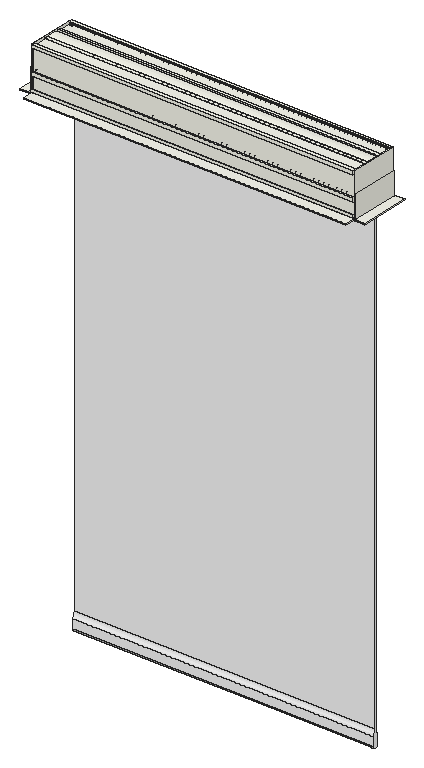
Revit family "cRoller_Blind-Decor_Systems-Blindset", category Specialty Equipment, Revit 2020
Family settings
  Round Connector Dimension = Use Diameter
  Part Type = Normal
  OmniClass Number = 23.40.95.11.31
  OmniClass Title = Movable or Retractable Screens
  Work Plane-Based = No
  Always vertical = Yes
  Cut with Voids When Loaded = No
  Shared = No
  Room Calculation Point = No
Parameters (values of type "Box and Closure")
  Video Link = "https://blindset.co.uk/#video"
  Version = "2020 - v1.0a"  # constant formula
  Product Page URL = "https://blindset.co.uk/"
  Product Documentation Link = "https://blindset.co.uk/?sdm_process_download=1&download_id=611"
  Plain Transition [instance] = or(Constraints = 3, Constraints = 6)  # no
  URL = "https://www.decorsystems.co.uk/"
  Profile Finish = Metal - Decor Systems - White Powdercoat
  Manufacturer Phone Number = "+44(0)1302 761122"  # constant formula
  Manufacturer Email = "mailto: info@decorsystems.co.uk"
  Manufacturer Address = "New Street\r\nDoncaster\r\nDN1 3QU"  # constant formula
  Keynote = "12490"
  Copyright = "© Decor Systems 2024"  # constant formula
  Constraints = 1
  Closure With Integrated Curtain Track [instance] = or(Constraints = 4, Constraints = 5, Constraints = 6)  # no
  Model = "BlindSet"  # constant formula
  Manufacturer = "Decor Systems"  # constant formula
  Fixture Length [instance] = if(Desired Fixture Length < 1' 7 175/256", 1' 7 175/256", if(Desired Fixture Length > 7' 10 125/256", 7' 10 125/256", Desired Fixture Length))  # 2' - 0"
  Drylinning Transition [instance] = or(Constraints = 2, Constraints = 5)  # no
  Drylining Flange - Right [instance] = yes
  Drylining Flange - Left [instance] = yes
  Desired Fixture Length [instance] = 2' - 0"
  Desired Blind Drop Length [instance] = 3' - 0"
  Description = "Pre-installed modular roller blind"  # constant formula
  Default Elevation = 0' - 0"
  Blind Finish Note = "Custom RGB Values can be changed in the Material for the \"Blind Finish\""  # constant formula
  Blind Drop Length [instance] = if(Desired Blind Drop Length < 0' 0", 0' 0", if(Desired Blind Drop Length > 9' 10 7/64", 9' 10 7/64", Desired Blind Drop Length))  # 3' - 0"
  Blind Finish = Fabric - Decor Systems - Custom Color
  Closure [instance] = or(Constraints = 1, Constraints = 2, Constraints = 3)  # yes
  C Curtain Side Offset = 0' - 0 101/128"  # constant formula
  C Curtain Length [instance] = Fixture Length - 2 * C Curtain Side Offset  # 1' - 10 27/64"
  Assembly Code = "E1090900"
Types (7): name | Plain Transition | Constraints | Closure With Integrated Curtain Track | Drylinning Transition | Closure
  (no name) | no | 1 | no | no | yes
  Box and Closure | no | 1 | no | no | yes
  Box and Closure with additional drylining transition | no | 2 | no | yes | yes
  Box and Closure with additional plain transition | yes | 3 | no | no | yes
  Box and Closure with Integrated Curtain Track | no | 4 | yes | no | no
  Box and Closure with Integrated curtain track and additional drylining transition | no | 5 | yes | yes | no
  Box and Closure with Integrated curtain track and additional plain transition | yes | 6 | yes | no | no
Reference planes (in)
  plane 1 "Center (Front/Back)": y = 0
  plane 2: z = 0
  plane 3 "Center (Left/Right)": x = 0
  plane 4: x = 24
  plane 5: y = 3.74016
  plane 6: x = 0.78906
  plane 7: y = 1.87008
  plane 8: y = 4.62402
  plane 9: z = 3.34812
Forms (in)
  Sweep 1, solid, material "Metal - Decor Systems - White Powdercoat" <- "Profile Finish", detail levels medium+fine
    path origin (0, 0, 0) x (1, 0, 0) y (0, 1, 0)
      loop
        line (0, 0) -> (24, 0)
    profile "Nested - Main Profile : Nested - Main Profile" origin (12, 0, 0) x (0, 1, 0) y (0, 0, 1)
      loop
        arc (1.10026, 3.15324) -> (1.03893, 3.11834) -> (0.97917, 3.08079) r 1.61878
        line (0.97917, 3.08079) -> (1.02085, 3.0141)
        arc (1.02085, 3.0141) -> (1.87008, 3.26938) -> (2.71931, 3.0141) r 1.54016
        line (2.71931, 3.0141) -> (2.76098, 3.08079)
        arc (2.76098, 3.08079) -> (2.70123, 3.11834) -> (2.6399, 3.15324) r 1.61878
        line (2.6399, 3.15324) -> (3.50159, 3.15324)
        arc (3.50159, 3.15324) -> (3.53161, 3.05339) -> (3.42913, 3.07262) r 0.06102
        line (3.42913, 3.07262) -> (3.42913, 2.83434) -> (3.47638, 2.83434) -> (3.47638, 2.97608) -> (3.54528, 2.97608) -> (3.54528, 1.65048) -> (3.47638, 1.65048) -> (3.47638, 1.73316) -> (3.42913, 1.73316) -> (3.42913, 1.55394)
        arc (3.42913, 1.55394) -> (3.54724, 1.53237) -> (3.42913, 1.51081) r 0.06102
        line (3.42913, 1.51081) -> (3.42913, 1.27647) -> (3.47638, 1.27647) -> (3.47638, 1.40639) -> (3.54528, 1.40639) -> (3.54528, 0.3245) -> (3.47047, 0.3245) -> (3.47047, 0.40324) -> (3.42323, 0.40324) -> (3.42323, 0.24576) -> (3.54528, 0.24576) -> (3.54528, 0.00167) -> (3.62402, 0.00167) -> (3.62402, 0.24576) -> (3.74606, 0.24576) -> (3.74606, 0.40324) -> (3.69882, 0.40324) -> (3.69882, 0.3245) -> (3.62402, 0.3245) -> (3.62402, 1.41426) -> (3.69291, 1.41426) -> (3.69291, 1.27647) -> (3.74016, 1.27647) -> (3.74016, 1.57568) -> (3.69291, 1.57568) -> (3.69291, 1.493) -> (3.62402, 1.493) -> (3.62402, 3.26938) -> (3.69291, 3.26938) -> (3.69291, 3.12765) -> (3.74016, 3.12765) -> (3.74016, 3.34812) -> (3.46654, 3.34812) -> (3.46654, 3.30088) -> (3.54528, 3.30088) -> (3.54528, 3.23198) -> (2.45551, 3.23198) -> (2.45551, 3.30088) -> (2.59331, 3.30088) -> (2.59331, 3.34812) -> (2.37677, 3.34812) -> (2.37677, 3.26666)
        arc (2.37677, 3.26666) -> (1.87008, 3.348) -> (1.36339, 3.26666) r 1.61878
        line (1.36339, 3.26666) -> (1.36339, 3.34812) -> (1.14685, 3.34812) -> (1.14685, 3.30088) -> (1.28465, 3.30088) -> (1.28465, 3.23198) -> (0.19488, 3.23198) -> (0.19488, 3.30088) -> (0.27362, 3.30088) -> (0.27362, 3.34812) -> (0, 3.34812) -> (0, 3.12765) -> (0.04724, 3.12765) -> (0.04724, 3.26938) -> (0.11614, 3.26938) -> (0.11614, 1.493) -> (0.04724, 1.493) -> (0.04724, 1.57568) -> (0, 1.57568) -> (0, 1.27647) -> (0.04724, 1.27647) -> (0.04724, 1.41426) -> (0.11614, 1.41426) -> (0.11614, 0.3245) -> (0.04134, 0.3245) -> (0.04134, 0.40324) -> (-0.00591, 0.40324) -> (-0.00591, 0.24576) -> (0.11614, 0.24576) -> (0.11614, 0.12962) -> (-0.67126, 0.12962) -> (-0.67126, 0.06072) -> (0.11614, 0.06072) -> (0.11614, 0.00167) -> (0.19488, 0.00167) -> (0.19488, 0.24576) -> (0.31693, 0.24576) -> (0.31693, 0.40324) -> (0.26969, 0.40324) -> (0.26969, 0.3245) -> (0.19488, 0.3245) -> (0.19488, 1.40639) -> (0.26378, 1.40639) -> (0.26378, 1.27647) -> (0.31102, 1.27647) -> (0.31102, 1.51081)
        arc (0.31102, 1.51081) -> (0.19291, 1.53237) -> (0.31102, 1.55394) r 0.06102
        line (0.31102, 1.55394) -> (0.31102, 1.73316) -> (0.26378, 1.73316) -> (0.26378, 1.65048) -> (0.19488, 1.65048) -> (0.19488, 2.97608) -> (0.26378, 2.97608) -> (0.26378, 2.83434) -> (0.31102, 2.83434) -> (0.31102, 3.07262)
        arc (0.31102, 3.07262) -> (0.20855, 3.05339) -> (0.23856, 3.15324) r 0.06102
        line (0.23856, 3.15324) -> (1.10026, 3.15324)
  Sweep 2, solid, material "Metal - Decor Systems - White Powdercoat" <- "Profile Finish", visible <- "Closure", detail levels medium+fine
    path origin (0, 0, 0) x (1, 0, 0) y (0, 1, 0)
      loop
        line (0, 0) -> (24, 0)
    profile "Nested - Closure Extrusion : Nested - Closure Extrusion" origin (12, 0, 0) x (0, 1, 0) y (0, 0, 1)
      loop
        line (2.51526, 0.17703) -> (2.3539, 0.17703) -> (2.3539, 0.12969) -> (2.43647, 0.12969) -> (2.43647, 0.06084) -> (1.34637, 0.06084) -> (1.34637, 0.12886) -> (1.52742, 0.12886) -> (1.52742, 0.17623) -> (1.18483, 0.17623) -> (1.18483, 0.12875) -> (1.26757, 0.12875) -> (1.26757, 0.0599) -> (0.48253, 0.0599) -> (0.48253, 0.56308) -> (0.26963, 0.56308) -> (0.26963, 1.06536) -> (0.25816, 1.1743) -> (0.25816, 1.32609) -> (0.21016, 1.32609) -> (0.21016, 0.33063) -> (0.25802, 0.33063) -> (0.25802, 0.50396) -> (0.42319, 0.50396) -> (0.42319, 0.05917) -> (0.20032, 0.05917) -> (0.20032, 0) -> (2.75939, 0) -> (2.75939, 0.06109) -> (2.51526, 0.06109) -> (2.51526, 0.17703)
  Sweep 3, solid, material "Metal - Decor Systems - White Powdercoat" <- "Profile Finish", visible <- "Drylinning Transition"
    path origin (0, 0, 0) x (1, 0, 0) y (0, 1, 0)
      loop
        line (0, 0) -> (24, 0)
    profile "Nested - Drylinning Transition : Nested - Horizontal Drylinning Transition" origin (12, 0, 0) x (0, 1, 0) y (0, 0, 1)
      loop
        line (3.85025, 0.58617) -> (3.85025, 0.11811) -> (3.62402, 0.11811) -> (3.62402, 0) -> (3.68307, 0) -> (3.68307, 0.05906) -> (4.77655, 0.05906) -> (4.77655, 0.11892) -> (3.90961, 0.11892) -> (3.90961, 0.64618) -> (3.6971, 0.64618) -> (3.6971, 1.13169) -> (3.67812, 1.28365) -> (3.67812, 1.40582) -> (3.63774, 1.40582) -> (3.63774, 0.33171) -> (3.68498, 0.33171) -> (3.68498, 0.58648) -> (3.85025, 0.58617)
  Sweep 4, solid, material "Metal - Decor Systems - White Powdercoat" <- "Profile Finish", visible <- "Plain Transition"
    path origin (0, 0, 0) x (1, 0, 0) y (0, 1, 0)
      loop
        line (0, 0) -> (24, 0)
    profile "Nested - Plain Transition : Nested - Vertical Drylinning Transition" origin (12, 0, 0) x (0, 1, 0) y (0, 0, 1)
      loop
        line (4.62402, 0.06072) -> (3.80709, 0.06072) -> (3.80709, 0.5686) -> (3.69291, 0.5686) -> (3.69291, 1.40652) -> (3.65354, 1.40652) -> (3.65354, 0.33237) -> (3.69291, 0.33237) -> (3.69291, 0.50954) -> (3.74803, 0.50954) -> (3.74803, 0.06072) -> (3.63976, 0.06072) -> (3.63976, 0.00167) -> (4.62402, 0.00167) -> (4.62402, 0.06072)
  Sweep 5, solid, material "Metal - Decor Systems - White Powdercoat" <- "Profile Finish", visible <- "Closure With Integrated Curtain Track", detail levels medium+fine
    path origin (0, 0, 0) x (1, 0, 0) y (0, 1, 0)
      loop
        line (0, 0) -> (24, 0)
    profile "Nested - Curtain Track : Nested - Plain Transition" origin (12, 0, 0) x (0, 1, 0) y (0, 0, 1)
      loop
        line (2.51424, 0.17521) -> (2.36136, 0.17521) -> (2.36136, 0.12792) -> (2.43545, 0.12792) -> (2.43545, 0.05907) -> (1.3454, 0.05907) -> (1.3454, 0.12796) -> (1.52646, 0.12796) -> (1.52646, 0.17521) -> (1.18386, 0.17521) -> (1.18386, 0.12796) -> (1.26661, 0.12796) -> (1.26661, 0.05907) -> (0.99259, 0.05907) -> (0.99259, 0.42127) -> (0.42791, 0.42127) -> (0.42791, 0.5631) -> (0.27026, 0.5631) -> (0.27026, 1.06538) -> (0.25879, 1.17431) -> (0.25879, 1.3261) -> (0.21079, 1.3261) -> (0.21079, 0.33064) -> (0.25865, 0.33064) -> (0.25865, 0.50397) -> (0.36857, 0.50397) -> (0.36857, 0.0574) -> (0.20095, 0.0574) -> (0.20095, 0.00001) -> (0.56047, 0.00001) -> (0.56047, 0.05813) -> (0.42791, 0.05813) -> (0.42791, 0.36222) -> (0.93353, 0.36222) -> (0.93353, 0.05907) -> (0.80069, 0.05907) -> (0.80069, 0.00001) -> (2.76002, 0.00001) -> (2.76002, 0.05931) -> (2.51424, 0.05931) -> (2.51424, 0.17521)
  Sweep 6, solid, material "Metal - Decor Systems - White Powdercoat" <- "Profile Finish", detail levels coarse
    path origin (0, -12, 0) x (1, 0, 0) y (0, 1, 0)
      loop
        line (0, 12) -> (24, 12)
    profile origin (12, 0, 0) x (0, 1, 0) y (0, 0, 1)
      loop
        line (3.74606, 0.40324) -> (3.69882, 0.40324) -> (3.69882, 0.3245) -> (3.62402, 0.3245) -> (3.62402, 1.41426) -> (3.69291, 1.41426) -> (3.69291, 1.27647) -> (3.74606, 1.27647) -> (3.74606, 3.34812) -> (-0.00591, 3.34812) -> (-0.00591, 0.12962) -> (-0.67126, 0.12962) -> (-0.67126, 0) -> (0.19488, 0) -> (0.19488, 0.24576) -> (0.31693, 0.24576) -> (0.31693, 0.40324) -> (0.26969, 0.40324) -> (0.26969, 0.3245) -> (0.19488, 0.3245) -> (0.19488, 1.40639) -> (0.26378, 1.40639) -> (0.26378, 1.27647) -> (0.31693, 1.27647) -> (0.31693, 3.0141) -> (3.42323, 3.0141) -> (3.42323, 0) -> (3.62402, 0) -> (3.62402, 0.24576) -> (3.74606, 0.24576) -> (3.74606, 0.40324)
  Sweep 7, solid, material "Metal - Decor Systems - White Powdercoat" <- "Profile Finish", visible <- "Closure With Integrated Curtain Track", detail levels coarse
    path origin (0, -12, 0) x (1, 0, 0) y (0, 1, 0)
      loop
        line (0, 12) -> (24, 12)
    profile origin (12, 0, 0) x (0, 1, 0) y (0, 0, 1)
      loop
        line (0.99259, 0.42127) -> (0.42791, 0.42127) -> (0.42791, 0.5631) -> (0.25879, 0.5631) -> (0.25879, 1.3261) -> (0.21079, 1.3261) -> (0.21079, 0.33064) -> (0.25865, 0.33064) -> (0.25865, 0.50397) -> (0.36857, 0.50397) -> (0.36857, 0.0574) -> (0.20095, 0.0574) -> (0.20095, 0) -> (0.56047, 0) -> (0.56047, 0.05813) -> (0.42791, 0.05813) -> (0.42791, 0.36222) -> (0.93353, 0.36222) -> (0.93353, 0.05907) -> (0.80069, 0.05907) -> (0.80069, 0.00001) -> (2.76002, 0.00001) -> (2.76002, 0.17521) -> (0.99259, 0.17521) -> (0.99259, 0.42127)
  Sweep 8, solid, material "Metal - Decor Systems - White Powdercoat" <- "Profile Finish", visible <- "Closure", detail levels coarse
    path origin (0, -12, 0) x (1, 0, 0) y (0, 1, 0)
      loop
        line (0, 12) -> (24, 12)
    profile origin (12, 0, 0) x (0, 1, 0) y (0, 0, 1)
      loop
        line (0.48253, 0.17521) -> (0.48253, 0.5631) -> (0.25879, 0.5631) -> (0.25879, 1.3261) -> (0.21079, 1.3261) -> (0.21079, 0.33064) -> (0.25865, 0.33064) -> (0.25865, 0.50397) -> (0.42319, 0.50397) -> (0.42319, 0.0574) -> (0.20095, 0.0574) -> (0.20095, 0) -> (2.76002, 0) -> (2.76002, 0.17521) -> (0.48253, 0.17521)
Lines and regions (in)
  reference lines
    curve 1: line (24, 3.74016, 0) -> (24, 0, 0)
Dimensions and locks (in)
  "Fixture Length": plane 3 "Center (Left/Right)" to plane 4
  "C Curtain Side Offset": plane 3 "Center (Left/Right)" to plane 6
  plane 1 "Center (Front/Back)" to plane 5 = 0' - 3.74016"
  "Desired Fixture Length": plane 3 "Center (Left/Right)" to curve 1
  locked: nested 3 to plane 7 at 1.75197
  locked: nested 2 to plane 7 at 1.75197
  plane 8 to plane 5 to plane 7 to plane 1 "Center (Front/Back)" = 0' - 0.88386" locked, 0' - 1.87008" locked, 0' - 1.87008" locked
  locked: plane 9 to plane 2 at 3.34812
  aligned and locked: plane 3 "Center (Left/Right)" to Sweep 1 sketch curve
  aligned and locked: plane 1 "Center (Front/Back)" to Sweep 1 sketch curve
  aligned and locked: plane 4 to Sweep 1 sketch curve
  aligned and locked: plane 3 "Center (Left/Right)" to Sweep 2 sketch curve
  aligned and locked: plane 1 "Center (Front/Back)" to Sweep 2 sketch curve
  aligned and locked: plane 4 to Sweep 2 sketch curve
  aligned and locked: plane 3 "Center (Left/Right)" to Sweep 3 sketch curve
  aligned and locked: plane 4 to Sweep 3 sketch curve
  aligned and locked: plane 1 "Center (Front/Back)" to Sweep 3 sketch curve
  aligned and locked: plane 1 "Center (Front/Back)" to Sweep 4 sketch curve
  aligned and locked: plane 3 "Center (Left/Right)" to Sweep 4 sketch curve
  aligned and locked: plane 4 to Sweep 4 sketch curve
  aligned and locked: plane 3 "Center (Left/Right)" to Sweep 5 sketch curve
  aligned and locked: plane 4 to Sweep 5 sketch curve
  aligned and locked: plane 1 "Center (Front/Back)" to Sweep 5 sketch curve
  aligned and locked: plane 1 "Center (Front/Back)" to nested 1
  aligned and locked: plane 6 to nested 1
  aligned and locked: plane 5 to curve 1
  aligned and locked: plane 1 "Center (Front/Back)" to curve 1
  aligned and locked: plane 3 "Center (Left/Right)" to nested 3
  aligned and locked: nested 2 to plane 4
  aligned and locked: nested 2 to plane 2
  aligned and locked: nested 3 to plane 2
  aligned and locked: level to plane 2
  aligned and locked: plane 3 "Center (Left/Right)" to Sweep 6 sketch curve
  aligned and locked: plane 4 to Sweep 6 sketch curve
  aligned and locked: plane 4 to Sweep 8 sketch curve
  aligned and locked: plane 3 "Center (Left/Right)" to Sweep 8 sketch curve
  aligned and locked: plane 4 to Sweep 7 sketch curve
  aligned and locked: plane 3 "Center (Left/Right)" to Sweep 7 sketch curve
  aligned and locked: plane 1 "Center (Front/Back)" to Sweep 6 sketch curve
  aligned and locked: plane 1 "Center (Front/Back)" to Sweep 8 sketch curve
  aligned and locked: plane 1 "Center (Front/Back)" to Sweep 7 sketch curve
  aligned and locked: Sweep 6 sketch curve to plane 2
  aligned and locked: plane 2 to Sweep 6 sketch curve
  aligned and locked: level to Sweep 7 sketch curve
  aligned and locked: plane 2 to Sweep 8 sketch curve
Automatic sketch dimensions
  level to Sweep 6 sketch curve = 0' - 0"
  profile plane to Sweep 6 sketch curve = 0' - 0.67126"
  profile plane to Sweep 6 sketch curve = 0' - 0.00591"
  Sweep 6 sketch curve to profile plane = 0' - 0.19488"  (x2)
  Sweep 6 sketch curve to Sweep 6 sketch curve = 0' - 0.0689"  (x2)
  Sweep 6 sketch curve to Sweep 6 sketch curve = 0' - 0.0748"  (x2)
  Sweep 6 sketch curve to Sweep 6 sketch curve = 0' - 0.05315"  (x2)
  Sweep 6 sketch curve to Sweep 6 sketch curve = 0' - 0.04724"  (x2)
  Sweep 6 sketch curve to Sweep 6 sketch curve = 0' - 3.1063"
  Sweep 6 sketch curve to Sweep 6 sketch curve = 0' - 0.20079"  (x2)
  level to Sweep 6 sketch curve = 0' - 0.12962"
  level to Sweep 6 sketch curve = 0' - 0.24576"  (x2)
  Sweep 6 sketch curve to Sweep 6 sketch curve = 0' - 0.07874"  (x4)
  Sweep 6 sketch curve to Sweep 6 sketch curve = 0' - 0.87323"  (x2)
  Sweep 6 sketch curve to Sweep 6 sketch curve = 0' - 0.12992"
  Sweep 6 sketch curve to Sweep 6 sketch curve = 0' - 0.1378"
  Sweep 6 sketch curve to Sweep 6 sketch curve = 0' - 1.59983"
  Sweep 6 sketch curve to Sweep 6 sketch curve = 0' - 0.33403"
  Sweep 7 sketch curve to profile plane = 0' - 0.20095"
  Sweep 7 sketch curve to profile plane = 0' - 0.21079"
  Sweep 7 sketch curve to Sweep 7 sketch curve = 0' - 0.04786"
  Sweep 7 sketch curve to Sweep 7 sketch curve = 0' - 0.00014"
  level to Sweep 7 sketch curve = 0' - 0.0574"
  Sweep 7 sketch curve to Sweep 7 sketch curve = 0' - 0.16762"
  Sweep 7 sketch curve to Sweep 7 sketch curve = 0' - 0.05933"
  Sweep 7 sketch curve to Sweep 7 sketch curve = 0' - 0"
  level to Sweep 7 sketch curve = 0' - 0.05813"
  Sweep 7 sketch curve to Sweep 7 sketch curve = 0' - 0.13256"
  level to Sweep 7 sketch curve = 0' - 0"
  Sweep 7 sketch curve to Sweep 7 sketch curve = 0' - 0.24022"
  level to Sweep 7 sketch curve = 0' - 0.05907"
  Sweep 7 sketch curve to Sweep 7 sketch curve = 0' - 0.13284"
  Sweep 7 sketch curve to Sweep 7 sketch curve = 0' - 0.05906"  (x2)
  Sweep 7 sketch curve to Sweep 7 sketch curve = 0' - 1.76744"
  Sweep 7 sketch curve to Sweep 7 sketch curve = 0' - 0.1752"
  Sweep 7 sketch curve to Sweep 7 sketch curve = 0' - 0.27324"
  Sweep 7 sketch curve to Sweep 7 sketch curve = 0' - 0.18701"
  Sweep 7 sketch curve to Sweep 7 sketch curve = 0' - 0.0827"
  Sweep 7 sketch curve to Sweep 7 sketch curve = 0' - 0.05912"
  Sweep 7 sketch curve to Sweep 7 sketch curve = 0' - 0.763"
  Sweep 8 sketch curve to profile plane = 0' - 0.20095"
  Sweep 8 sketch curve to profile plane = 0' - 0.21079"
  Sweep 8 sketch curve to Sweep 8 sketch curve = 0' - 0.04786"
  Sweep 8 sketch curve to Sweep 8 sketch curve = 0' - 0.048"
  Sweep 8 sketch curve to Sweep 8 sketch curve = 0' - 0.16454"
  Sweep 8 sketch curve to Sweep 8 sketch curve = 0' - 0.05933"
  level to Sweep 8 sketch curve = 0' - 0.17521"
  Sweep 8 sketch curve to Sweep 8 sketch curve = 0' - 2.2775"
  level to Sweep 8 sketch curve = 0' - 0.0574"
  Sweep 8 sketch curve to Sweep 8 sketch curve = 0' - 0.27324"
  Sweep 8 sketch curve to Sweep 8 sketch curve = 0' - 0.17333"
  Sweep 8 sketch curve to Sweep 8 sketch curve = 0' - 0.05912"
  Sweep 8 sketch curve to Sweep 8 sketch curve = 0' - 0.763"
Nested families (in)
  nested 1: "Nested - Blind" at (0.78906, 0, 0), type "Family4"
    with Curtain Extension 3' - 0"
  nested 2: "Nested - Caps" at (24, -0.00197, 0) x (-1, 0, 0) z (0, 0, 1), Drylining Flange <- "Drylining Flange - Right", type "Family1"
    with Drylining Flange yes
  nested 3: "Nested - Caps" at (0, 3.74213, 0), Drylining Flange <- "Drylining Flange - Left", type "Family1"
    with Drylining Flange yes
Definition of nested family "Nested - Blind"
  Parameters (values of type "Family4")
    Default Elevation = 0' - 0"
    Curtain Length = 1' - 10 27/64"
    Curtain Finish = none
    Curtain Extension = 0' - 4"
    Curtain Enclosure = none
  Reference planes (in)
    plane 1 "Center (Front/Back)": y = 0
    plane 2: z = 0
    plane 3 "Center (Left/Right)": x = 0
    plane 4: z = -3.51746
    plane 5: z = 0.48254
    plane 6: x = 22.42188
  Forms (in)
    Extrusion 1, solid, material <- "Curtain Enclosure"
      sketch origin (0, 0, 0) x (0, 1, 0) y (0, 0, 1)
        loop
          circle (1.87008, 1.72922) r 1.1811
        loop
          circle (1.87008, 1.72922) r 0.7874
      from 0 to 22.42188
    Extrusion 2, solid, material <- "Curtain Finish"
      sketch origin (0, 0, 0) x (0, 1, 0) y (0, 0, 1)
        loop
          line (3.0734, 1.72922) -> (3.04782, 1.8182) -> (3.02896, 1.72922) -> (3.02896, -3.51746)
          spline (3.02896, -3.51746) -> (3.02649, -3.58816) -> (3.01963, -3.64839) -> (3.00922, -3.69956) -> (2.99609, -3.74307) -> (2.98108, -3.78034) -> (2.96504, -3.81277) -> (2.94878, -3.84178) -> (2.93316, -3.86877) -> (2.919, -3.89516) -> (2.90715, -3.92236) -> (2.89844, -3.95177) -> (2.8937, -3.9848)
          line (2.8937, -3.9848) -> (2.8937, -4.66972)
          arc (2.8937, -4.66972) -> (3.05118, -4.8272) -> (3.20866, -4.66972) r 0.15748
          line (3.20866, -4.66972) -> (3.20866, -3.9848)
          spline (3.20866, -3.9848) -> (3.20392, -3.95177) -> (3.19521, -3.92236) -> (3.18336, -3.89516) -> (3.1692, -3.86877) -> (3.15358, -3.84178) -> (3.13733, -3.81277) -> (3.12128, -3.78034) -> (3.10627, -3.74307) -> (3.09315, -3.69956) -> (3.08273, -3.64839) -> (3.07587, -3.58816) -> (3.0734, -3.51746)
          line (3.0734, -3.51746) -> (3.0734, 1.72922)
      from 0 to 22.42188
  Dimensions and locks (in)
    "Curtain Extension": plane 4 to plane 5
    locked: plane 5 to plane 2 at 0.48254
    "Curtain Length": plane 3 "Center (Left/Right)" to plane 6
    Extrusion 2 sketch curve to Extrusion 2 sketch curve to plane 4 = 0' - 0.8424" locked, 0' - 0.46735" locked
    aligned and locked: plane 2 to level
    aligned and locked: plane 6 to Extrusion 1
    aligned and locked: plane 6 to Extrusion 2
  Automatic sketch dimensions
    plane 4 to Extrusion 2 sketch curve = 0' - 0"  (x2)
    Extrusion 2 sketch curve to plane 1 "Center (Front/Back)" = 0' - 2.8937"
    Extrusion 2 sketch curve to plane 5 = 0' - 1.24668"
    Extrusion 2 sketch curve to plane 1 "Center (Front/Back)" = 0' - 3.02896"
    Extrusion 2 sketch curve to plane 5 = 0' - 1.33566"
    Extrusion 2 sketch curve to Extrusion 2 sketch curve = 0' - 0.01886"
    Extrusion 2 sketch curve to Extrusion 2 sketch curve = 0' - 0.15748"
    Extrusion 2 sketch curve to Extrusion 2 sketch curve = 0' - 0.04444"
    Extrusion 2 sketch curve to Extrusion 2 sketch curve = 0' - 0"  (x2)
Definition of nested family "Nested - Caps"
  Parameters (values of type "Family1")
    Finish = none
    Drylining Flange [instance] = yes
    Default Elevation = 0' - 0"
  Reference planes (in)
    plane 1 "Center (Front/Back)": y = 0
    plane 2: z = 0
    plane 3 "Center (Left/Right)": x = 0
  Forms (in)
    Extrusion 1, solid, material <- "Finish"
      sketch origin (0, 0, 0) x (0, 1, 0) y (0, 0, 1)
        loop
          line (-3.62402, 3.34646) -> (-3.62402, 0) -> (-0.12008, 0) -> (-0.12008, 3.34646) -> (-3.62402, 3.34646)
      from 0 to -0.05906
    Extrusion 2, solid, material <- "Finish", visible <- "Drylining Flange"
      sketch origin (0, 0, 0) x (1, 0, 0) y (0, 0, 1)
        loop
          line (-0.05906, 1.80315) -> (-0.11811, 1.80315) -> (-0.11811, 0.12795) -> (-0.84646, 0.12795) -> (-0.84646, 0.0689) -> (-0.05906, 0.0689) -> (-0.05906, 1.80315)
      from 0.12008 to 3.62402
    Extrusion 3, solid, material <- "Finish", visible <- "Drylining Flange"
      sketch origin (0, 0, 0) x (1, 0, 0) y (0, 1, 0)
        loop
          line (-0.19311, -0.02165) -> (-0.84646, -0.02165) -> (-0.84646, -0.12008) -> (-0.19311, -0.12008) -> (-0.19311, -0.02165)
        loop
          line (-0.19311, -3.72244) -> (-0.19311, -3.62402) -> (-0.84646, -3.62402) -> (-0.84646, -3.72244) -> (-0.19311, -3.72244)
      from 0.0689 to 0.12795
  Cuts and joins
    joined: Extrusion 2, Extrusion 3
  Dimensions and locks (in)
    aligned and locked: plane 2 to level
